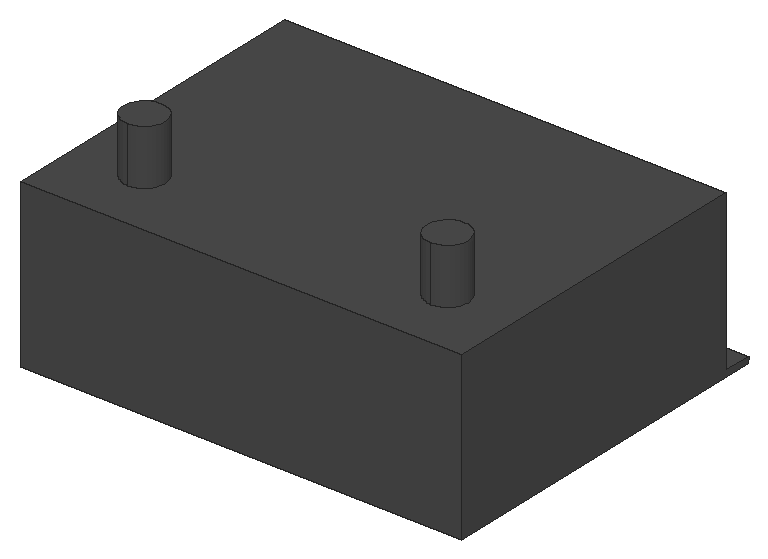
Revit family "BirdControl_Charger_BirdBGone_Direct", category Specialty Equipment, Revit 2017
Family settings
  Round Connector Dimension = Use Diameter
  Part Type = Normal
  OmniClass Number = 23.40.10.14.14.99
  OmniClass Title = Other Manufactured Exterior Specialties
  Work Plane-Based = Yes
  Always vertical = No
  Cut with Voids When Loaded = No
  Shared = No
  Room Calculation Point = No
Parameters (values of type "AC750")
  offset [instance] = 0' - 0"
  Warranty Duration (Years) = 0
  Unit Width = 0' - 8"
  Unit Height = 0' - 6"
  Unit Depth = 0' - 3"
  URL = "http://www.birdbgone.com/"
  Test Data = "http://www.birdbgone.com/bird-control-product-msds"
  Specification = "http://www.arcat.com/sdspecs/htm/10290bir.htm"
  SpecWizard = ""
  Send Message = "http://www.arcat.com/users.pl?action=UserEmail&company=Bird-B-Gone,%20Inc.&coid=38371&rep=147&fax=949-472-3116&mf="
  Sales Information = "http://www.birdbgone.com/bird-control-store/"
  Revision = "R1_10-2010"
  Product Properties = "http://www.arcat.com/bim/bim_info.pl?fn=BirdBGone"
  Product Data = "http://www.arcat.com/arcatcos/cos38/arc38371.html"
  Model = "As Specified in 10 81 19"
  Material [instance] = Metal - Bird B Gone - Black
  Manufacturer Website = "http://www.birdbgone.com/"
  Manufacturer Phone - Toll Free = "800-392-6915"
  Manufacturer Phone = "949-472-3122"
  Manufacturer Fax = "949-472-3116"
  Manufacturer Address = "23918 Skyline, Mission Viejo, CA 92692"
  Manufacturer = "Bird-B-Gone, Inc."
  Maintenance Schedule (Months) = 0
  Keynote = "10 81 19"
  Installation-Fabrication = "http://www.birdbgone.com/installation-instructions"
  Installation Phase = ""
  Green Building-LEED = "http://www.arcat.com/green/clients/leed_data_38371.html"
  Expected Lifespan (Years) = 0
  Drawn By = "Robert S. Weygant, CSI, CDT, SCIP"
  Description = "Bird Control Equipment as Specified in 10 81 19"
  Default Elevation = 4' - 0"
  Copyright = "wt"
  Construction Details = "http://www.arcat.com/details/birdbgon/birdbgon.html?coid=38371"
  Building Codes = "http://www.birdbgone.com/knowledge-center/"
  Assembly Code = "E1090900"
Reference planes (in)
  plane 1 "Center (Front/Back)": y = 0
  plane 2 "Bottom": z = 0
  plane 3 "Center (Left/Right)": x = 0
  plane 4 "Top": z = 3
  plane 5: x = -4
  plane 6: x = 4
  plane 7: y = 3
  plane 8: y = -3
Forms (in)
  Extrusion 1, solid, material "Metal - Bird B Gone - Black" <- "Material", detail levels medium+fine
    sketch origin (0, 0, 0) x (0, 1, 0) y (0, 0, 1)
      loop
        line (3, 0.125) -> (3, 3) -> (-3, 3) -> (-3, 0) -> (3.5, 0) -> (3.5, 0.125) -> (3, 0.125)
    from -4 to 4
  Extrusion 2, solid, material "Metal - Bird B Gone - Black" <- "Material", detail levels medium+fine
    sketch origin (-1.25, 1.25, 3) x (0, -1, 0) y (1, 0, 0)
      loop
        circle (3, 4) r 0.375
    from 0 to 1
  Extrusion 3, solid, material "Metal - Bird B Gone - Black" <- "Material", detail levels medium+fine
    sketch origin (1.25, 1.25, 3) x (0, -1, 0) y (1, 0, 0)
      loop
        circle (3, -4) r 0.375
    from 0 to 1
  Extrusion 4, solid, material "Metal - Bird B Gone - Black" <- "Material", detail levels medium+fine
    sketch origin (0.84233, 3, 0.62228) x (0, 0, 1) y (1, 0, 0)
      loop
        circle (0.00272, -4) r 0.25
    from 0 to 0.5
  Extrusion 5, solid, material "Metal - Bird B Gone - Black" <- "Material", detail levels medium+fine
    sketch origin (1.59233, 3, 0.62228) x (0, 0, 1) y (1, 0, 0)
      loop
        circle (0.00272, -4) r 0.25
    from 0 to 0.5
Cuts and joins
  joined: Extrusion 1, Extrusion 2, Extrusion 3, Extrusion 4, Extrusion 5
Lines and regions (in)
  model lines, style "Bird Control", detail levels fine
    curve 1: circle (0, -1.75, 3) r 0.25 normal (0, 0, 1)
Dimensions and locks (in)
  "Unit Depth": plane 4 "Top" to level
  equal spacing: plane 5, plane 3 "Center (Left/Right)", plane 6
  "Unit Width": plane 5 to plane 6
  equal spacing: plane 7, plane 1 "Center (Front/Back)", plane 8
  "Unit Height": plane 7 to plane 8
  aligned and locked: Extrusion 1 to plane 5
  aligned and locked: Extrusion 1 to plane 6
Automatic sketch dimensions
  Extrusion 1 sketch curve to level = 0' - 0"
  Extrusion 1 sketch curve to plane 8 = 0' - 0"
  Extrusion 1 sketch curve to plane 4 "Top" = 0' - 0"
  Extrusion 1 sketch curve to plane 7 = 0' - 0"
  level to Extrusion 1 sketch curve = 0' - 0 1/8"
  Extrusion 1 sketch curve to Extrusion 1 sketch curve = 0' - 0 1/2"
  Extrusion 2 sketch curve to Extrusion 1 = 0' - 1 1/4"
  Extrusion 1 to Extrusion 2 sketch curve = 0' - 1 1/4"
  Extrusion 3 sketch curve to Extrusion 1 = 0' - 1 1/4"
  Extrusion 1 to Extrusion 3 sketch curve = 0' - 1 1/4"
  curve 1 to Extrusion 1 = 0' - 1 1/4"
  Extrusion 1 to curve 1 = 0' - 4"
  Extrusion 1 to Extrusion 4 sketch curve = 0' - 0 1/2"
  Extrusion 1 to Extrusion 4 sketch curve = 0' - 0.84233"
  Extrusion 1 to Extrusion 5 sketch curve = 0' - 0 1/2"
  Extrusion 1 to Extrusion 5 sketch curve = 0' - 1.59233"
  radius of Extrusion 2 sketch curve = 0' - 0 3/8"
  radius of Extrusion 3 sketch curve = 0' - 0 3/8"
  radius of curve 1 = 0' - 0 1/4"
  radius of Extrusion 4 sketch curve = 0' - 0 1/4"
  radius of Extrusion 5 sketch curve = 0' - 0 1/4"
